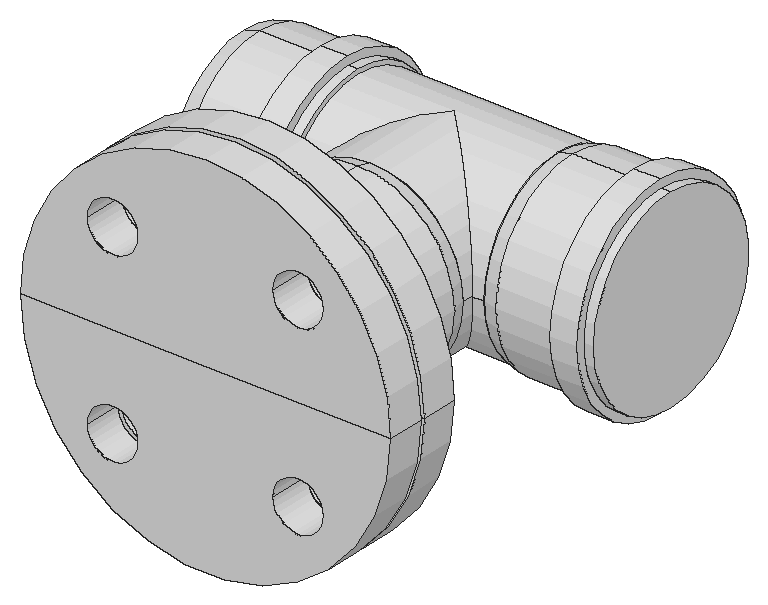
Revit family "EP-Система_Фитинг_НПВХ_Напорная ревизия", category Соединительные детали трубопроводов, Revit 2019
Family settings
  Размер круглого соединителя = Использовать диаметр
  Тип детали = Тройник
  На основе рабочей плоскости = Нет
  Всегда вертикально = Да
  При загрузке вырезать с полостями = Нет
  Общий = Нет
Parameters (values of type "EP-Система")
  Усиленный [instance] = no
  Угол [instance] = 90.00°
  Типовой = no
  Раструб Длина [instance] = size_lookup(Поиск в таблице имен, "LR1", ADSK_Диаметр условный * 2, ADSK_Диаметр условный, Диаметр условный 1, ADSK_Угол)  # 55.6 mm
  Раструб Видимость 1.2 [instance] = and(not(Угол > 90.00°), Раструб Подводящий)  # yes
  Раструб Видимость 2.2 [instance] = and(Угол > 90.00°, Раструб Подводящий)  # no
  Поиск в таблице имен 4 = "EP-Система_Фитинг_НПВХ_Напорная ревизия"
  Поиск в таблице имен 3 = "EP-Система_Фитинг_НПВХ_Напорная ревизия"
  Поиск в таблице имен 2 = "EP-Система_Фитинг_НПВХ_Напорная ревизия"
  Поиск в таблице имен = "EP-Система_Фитинг_НПВХ_Напорная ревизия"
  Размер засечки 2 [instance] = 50 mm  # constant formula
  Размер засечки 1 [instance] = 50 mm  # constant formula
  Раструб Подводящий [instance] = yes
  Description = ""
  Наименование [instance] = size_lookup(Поиск в таблице имен 4, "ADSK_Наименование", "Решение не найдено", ADSK_Диаметр условный, Диаметр условный 1, ADSK_Угол)  # "Напорная ревизия, DN110х110"
  Материал = 05 Пластик ПВХ Белый
  Assembly Code = ""
  Manufacturer = ""
  Раструб Видимость 2.1 [instance] = Угол > 90.00°  # no
  Раструб Видимость 1.1 [instance] = not(Угол > 90.00°)  # yes
  Z3 [instance] = if(Угол > 90.00°, if(Раструб Подводящий, size_lookup(Поиск в таблице имен, "z1", ADSK_Диаметр условный * 2, ADSK_Диаметр условный, Диаметр условный 1, ADSK_Угол), size_lookup(Поиск в таблице имен, "z1", ADSK_Диаметр условный * 2, ADSK_Диаметр условный, Диаметр условный 1, ADSK_Угол) + Раструб Длина), size_lookup(Поиск в таблице имен, "z3", ADSK_Диаметр условный * 2, ADSK_Диаметр условный, Диаметр условный 1, ADSK_Угол))  # 62 mm
  Z2 [instance] = size_lookup(Поиск в таблице имен, "z2", ADSK_Диаметр условный * 2, ADSK_Диаметр условный, Диаметр условный 1, ADSK_Угол)  # 62 mm
  Z1 [instance] = if(Угол > 90.00°, size_lookup(Поиск в таблице имен, "z3", ADSK_Диаметр условный * 2, ADSK_Диаметр условный, Диаметр условный 1, ADSK_Угол), if(Раструб Подводящий, size_lookup(Поиск в таблице имен, "z1", ADSK_Диаметр условный * 2, ADSK_Диаметр условный, Диаметр условный 1, ADSK_Угол), size_lookup(Поиск в таблице имен, "z1", ADSK_Диаметр условный * 2, ADSK_Диаметр условный, Диаметр условный 1, ADSK_Угол) + Раструб Длина))  # 57 mm
  URL = ""
  Диаметр условный 1 [instance] = 110 mm
  ADSK_Угол [instance] = if(or(Угол < 57.50°, Угол > 122.50°), 45.00°, if(or(Угол < 79.00°, Угол > 101.00°), 67.30°, 90.00°))  # 90.00°
  ADSK_Наименование краткое = "Тр."
  ADSK_Наименование [instance] = size_lookup(Поиск в таблице имен 4, "ADSK_Наименование", "Решение не найдено", ADSK_Диаметр условный, Диаметр условный 1, ADSK_Угол)  # "Напорная ревизия, DN110х110"
  ADSK_Масса_Текст [instance] = ""
  ADSK_Масса [instance] = 0
  ADSK_Марка = ""
  ADSK_Код изделия [instance] = size_lookup(Поиск в таблице имен 4, "ADSK_Код изделия", "Решение не найдено", ADSK_Диаметр условный, Диаметр условный 1, ADSK_Угол)  # "ЕP5544100"
  ADSK_Завод-изготовитель = "Agpipe"  # constant formula
  ADSK_Единица измерения = "шт."  # constant formula
  ADSK_Диаметр условный [instance] = 110 mm
Reference planes
  plane 1 "По центру (Вперед/Назад)": y = 0
  plane 2: z = 0
  plane 3 "По центру (Влево/Вправо)": x = 0
  plane 4: x = -57
  plane 5: x = 62
Forms (mm)
  Sweep 1, solid, material "05 Пластик ПВХ Белый" <- "Материал", detail levels fine
    path in 3D
      loop
        line (62, 0, 0) -> (-57, 0, 0)
    profile origin (2.5, 0, 0) x (0, -1, 0) y (0, 0, 1)
      loop
        circle (0, 0) r 55
  Sweep 2, solid, material "05 Пластик ПВХ Белый" <- "Материал", detail levels fine
    path in 3D
      loop
        line (0, 0, 0) -> (0, -62, 0)
    profile origin (0, -31, 0) x (1, 0, 0) y (0, 0, 1)
      loop
        circle (0, 0) r 55
Cuts and joins
  joined: Sweep 1, Sweep 2
Lines and regions (mm)
  reference lines
    curve 1: line (0, 0, 0) -> (0, -62, 0)
    curve 3: line (62, 0, 0) -> (-57, 0, 0)
  sketch lines
    curve 2: line (0, 0, 0) -> (0, -62, 0)
    curve 4: line (62, 0, 0) -> (-57, 0, 0)
Dimensions and locks
  "Z2": curve 1 to curve 1
  "Z1": plane 4 to plane 3 "По центру (Влево/Вправо)"
  "Z3": plane 3 "По центру (Влево/Вправо)" to plane 5
  "ADSK_Диаметр условный": diameter of Sweep 1 sketch curve
  "Диаметр условный 1": diameter of Sweep 2 sketch curve
  "Угол": angle curve 1 to plane 1 "По центру (Вперед/Назад)"
  "Угол": angle nested 5 to plane 1 "По центру (Вперед/Назад)"
  aligned and locked: level to plane 2
  aligned and locked: plane 1 "По центру (Вперед/Назад)" to curve 1
  aligned and locked: plane 5 to nested 1
  aligned and locked: plane 1 "По центру (Вперед/Назад)" to nested 1
  aligned and locked: plane 4 to nested 2
  aligned and locked: plane 1 "По центру (Вперед/Назад)" to nested 2
  aligned and locked: nested 3 to plane 4
  aligned and locked: nested 4 to plane 5
  aligned and locked: curve 1 to nested 5
  aligned and locked: nested 5 to cut or joined group of Sweep 1, Sweep 2
  aligned and locked: plane 3 "По центру (Влево/Вправо)" to nested 6
  aligned and locked: plane 4 to nested 6
  aligned and locked: plane 5 to nested 6
  aligned and locked: nested 7 to nested 8
  aligned and locked: nested 8 to nested 5
  aligned and locked: plane 3 "По центру (Влево/Вправо)" to nested 8
Automatic sketch dimensions
  curve 3 to plane 4 = 0 mm
  curve 1 to plane 3 "По центру (Влево/Вправо)" = 0 mm
  curve 3 to plane 5 = 0 mm
  Sweep 1 sketch curve to profile plane = 0 mm  (x2)
  profile plane to Sweep 2 sketch curve = 0 mm
  Sweep 2 sketch curve to profile plane = 0 mm
Nested families
  nested 1: "Фитинг_ПП_Раструб(Влож)" at (62, 0, 0), ADSK_Диаметр условный <- "ADSK_Диаметр условный", visible <- "Раструб Видимость 1.1", Видимость <- "Раструб Видимость 1.1", type "Фитинг_ПП_Раструб(Влож)", detail levels fine
    with Толщина Стенки 2 1.5 mm, Толщина Стенки 1 2.4 mm, Длина 67 mm, Диаметр Наружный Трубного Кольца 124.4 mm, Диаметр Наружный 114.8 mm, Видимость yes, C 22 mm, B 6 mm, ADSK_Диаметр условный 110 mm, A 36 mm
  nested 2: "Фитинг_ПП_Раструб(Влож)" at (-124, 0, 0), ADSK_Диаметр условный <- "ADSK_Диаметр условный", visible <- "Раструб Видимость 1.2", Видимость <- "Раструб Видимость 1.2", type "Фитинг_ПП_Раструб(Влож)", detail levels fine
    with Толщина Стенки 2 1.5 mm, Толщина Стенки 1 2.4 mm, Длина 67 mm, Диаметр Наружный Трубного Кольца 124.4 mm, Диаметр Наружный 114.8 mm, Видимость yes, C 22 mm, B 6 mm, ADSK_Диаметр условный 110 mm, A 36 mm
  nested 3: "Фитинг_ПП_Раструб(Влож)" at (-57, 0, 0) x (-1, 0, 0) z (0, 0, 1), visible <- "Раструб Видимость 2.1", ADSK_Диаметр условный <- "ADSK_Диаметр условный", Видимость <- "Раструб Видимость 2.1", type "Фитинг_ПП_Раструб(Влож)", detail levels fine
    with Толщина Стенки 2 1.5 mm, Толщина Стенки 1 2.4 mm, Длина 67 mm, Диаметр Наружный Трубного Кольца 124.4 mm, Диаметр Наружный 114.8 mm, Видимость no, C 22 mm, B 6 mm, ADSK_Диаметр условный 110 mm, A 36 mm
  nested 4: "Фитинг_ПП_Раструб(Влож)" at (129, 0, 0) x (-1, 0, 0) z (0, 0, 1), visible <- "Раструб Видимость 2.2", ADSK_Диаметр условный <- "ADSK_Диаметр условный", Видимость <- "Раструб Видимость 2.2", type "Фитинг_ПП_Раструб(Влож)", detail levels fine
    with Толщина Стенки 2 1.5 mm, Толщина Стенки 1 2.4 mm, Длина 67 mm, Диаметр Наружный Трубного Кольца 124.4 mm, Диаметр Наружный 114.8 mm, Видимость no, C 22 mm, B 6 mm, ADSK_Диаметр условный 110 mm, A 36 mm
  nested 5: "Фитинг_ПП_Раструб(Влож)" at (0, -62, 0) x (0, -1, 0) z (0, 0, 1), ADSK_Диаметр условный <- "Диаметр условный 1", type "Фитинг_ПП_Раструб(Влож)", detail levels fine
    with Толщина Стенки 2 1.5 mm, Толщина Стенки 1 2.4 mm, Длина 67 mm, Диаметр Наружный Трубного Кольца 124.4 mm, Диаметр Наружный 114.8 mm, Видимость yes, C 22 mm, B 6 mm, ADSK_Диаметр условный 110 mm, A 36 mm
  nested 6: "CISP_УГО_Тройник" at (0, 0, 0), Угол <- "Угол", L3 <- "Z2", D1 <- "Размер засечки 1", D2 <- "Размер засечки 1", D3 <- "Размер засечки 2", type "CISP_УГО_Тройник", detail levels coarse+medium
    with Угол 90.00°, L3 62 mm, L2 62 mm, L1 57 mm, D3 50 mm, D2 50 mm, D1 50 mm
  nested 7: "Redi_Фитинг_Фланец глухой" at (0, -173, 0) x (0, 1, 0) z (0, 0, 1), d <- "Диаметр условный 1", type "Redi_Фитинг_Фланец глухой"
    with s 22 mm, d 110 mm, I 180 mm, E *2/3 55 mm, E 220 mm, ADSK_Наименование "Фланец глухой, DN110", ADSK_Масса_Текст "0.84", ADSK_Масса 0, ADSK_Код изделия "RVOFCI910"
  nested 8: "Redi_Фитинг_Фланец жесткий" at (0, -148, 0) x (0, 1, 0) z (0, 0, 1), d <- "Диаметр условный 1", type "Redi_Фитинг_Фланец жесткий"
    with z 8 mm, s 22 mm, d 110 mm, I 180 mm, E *2/3 55 mm, E 220 mm, ADSK_Наименование "Фланец жесткий, DN110", ADSK_Масса_Текст "0.94", ADSK_Масса 0, ADSK_Код изделия "RVOFFI910"
Connectors
  piping at (-57, 0, 0), diameter 110, driven by "ADSK_Диаметр условный"
    settings: on plane 4, index 1, connector inside diameter 609.6 mm, connector length 0 mm, flow factor 0, pipe flow 0.0 L/s, pressure drop 0.0 Pa, fitting loss kfactor 0, connector angle 0.00°, fixture units 0, engagement length 0 mm, angle of deflection 0.00°, flow configuration 0, flow direction 0, fitting loss method 0, system type 28, joint type 0, gender type 0, connector reference index 2, connector utility 0, adjustable connector no, is connector primary yes, connector description ""
  piping at (62, 0, 0), diameter 110, driven by "ADSK_Диаметр условный"
    settings: on plane 5, index 2, connector inside diameter 609.6 mm, connector length 0 mm, flow factor 0, pipe flow 0.0 L/s, pressure drop 0.0 Pa, fitting loss kfactor 0, connector angle 0.00°, fixture units 0, engagement length 0 mm, angle of deflection 0.00°, flow configuration 0, flow direction 0, fitting loss method 0, system type 28, joint type 0, gender type 0, connector reference index 1, connector utility 0, adjustable connector no, is connector primary no, connector description ""
Definition of nested family "Фитинг_ПП_Раструб(Влож)"
  Parameters (values of type "CISP_Фитинг_ПП_Раструб")
    Толщина Стенки 2 [instance] = size_lookup(Поиск в таблице имен, "e3", 1 mm, ADSK_Диаметр условный)  # 1.5 mm
    Толщина Стенки 1 [instance] = size_lookup(Поиск в таблице имен, "e2", 1 mm, ADSK_Диаметр условный)  # 2.4 mm
    Поиск в таблице имен = "CISP_Фитинг_ПП_Раструб"
    Материал = none
    Длина [instance] = A + C + A / 4  # 67 mm
    Диаметр Наружный Трубного Кольца [instance] = ADSK_Диаметр условный + 2 * Толщина Стенки 1 + 4 * Толщина Стенки 1  # 124.4 mm
    Диаметр Наружный [instance] = ADSK_Диаметр условный + 2 * Толщина Стенки 1  # 114.8 mm
    Видимость [instance] = yes
    C [instance] = size_lookup(Поиск в таблице имен, "C", 1 mm, ADSK_Диаметр условный)  # 22 mm
    B [instance] = size_lookup(Поиск в таблице имен, "B", 1 mm, ADSK_Диаметр условный)  # 6 mm
    ADSK_Диаметр условный [instance] = 110 mm
    A [instance] = size_lookup(Поиск в таблице имен, "A", 1 mm, ADSK_Диаметр условный)  # 36 mm
  Reference planes
    plane 1 "По центру (Вперед/Назад)": y = 0
    plane 2: z = 0
    plane 3 "По центру (Влево/Вправо)": x = 0
    plane 4: x = 67
    plane 5: z = 57.4
    plane 6: z = -57.4
    plane 7: x = 45
    plane 8: x = 61
    plane 9: x = 9
    plane 10: z = 62.2
    plane 11: z = -62.2
    plane 12: z = 55
    plane 13: z = -55
  Forms (mm)
    Sweep 1, solid, material <- "Материал", visible <- "Видимость"
      path origin (0, 0, 0) x (1, 0, 0) y (0, 0, 1)
        loop
          line (9, 0) -> (67, 0)
      profile origin (38, 0, 0) x (0, 0, 1) y (0, -1, 0)
        loop
          circle (0, 0) r 57.4
    SweptBlend 2, solid, material <- "Материал", visible <- "Видимость"
      path origin (0, 0, 0) x (1, 0, 0) y (0, 0, 1)
        loop
          line (0, 0) -> (9, 0)
      profile origin (0, 0, 0) x (0, 0, 1) y (0, -1, 0)
        loop
          circle (0, 0) r 55
      end profile origin (9, 0, 0) x (0, 0, 1) y (0, -1, 0)
        loop
          circle (0, 0) r 57.4
    Sweep 3, solid, material <- "Материал", visible <- "Видимость"
      path origin (0, 0, 0) x (1, 0, 0) y (0, 0, 1)
        loop
          line (45, 0) -> (61, 0)
      profile origin (53, 0, 0) x (0, 0, 1) y (0, -1, 0)
        loop
          circle (0, 0) r 62.2
  Cuts and joins
    joined: Sweep 1, SweptBlend 2, Sweep 3
  Dimensions and locks
    "Длина": plane 4 to plane 3 "По центру (Влево/Вправо)"
    equal spacing: plane 5, level, plane 6
    "Диаметр Наружный": plane 5 to plane 6
    "C": plane 4 to plane 7
    "A": plane 7 to plane 9
    "B": plane 4 to plane 8
    equal spacing: plane 12, level, plane 13
    "ADSK_Диаметр условный": plane 12 to plane 13
    equal spacing: plane 10, level, plane 11
    "Диаметр Наружный Трубного Кольца": plane 10 to plane 11
    "Диаметр Наружный": diameter of Sweep 1 sketch curve
    "ADSK_Диаметр условный": diameter of SweptBlend 2 sketch curve
    "Диаметр Наружный": diameter of SweptBlend 2 sketch curve
    "Диаметр Наружный Трубного Кольца": diameter of Sweep 3 sketch curve
    aligned and locked: level to plane 2
    aligned and locked: plane 9 to Sweep 1 sketch curve
    aligned and locked: Sweep 1 sketch curve to plane 2
    aligned and locked: plane 4 to Sweep 1 sketch curve
    aligned and locked: plane 3 "По центру (Влево/Вправо)" to SweptBlend 2 sketch curve
    aligned and locked: plane 9 to SweptBlend 2 sketch curve
    aligned and locked: SweptBlend 2 sketch curve to level
    aligned and locked: plane 7 to Sweep 3 sketch curve
    aligned and locked: plane 8 to Sweep 3 sketch curve
    aligned and locked: Sweep 3 sketch curve to plane 2
  Automatic sketch dimensions
    Sweep 1 sketch curve to plane 1 "По центру (Вперед/Назад)" = 0 mm
    profile plane to Sweep 1 sketch curve = 0 mm
    SweptBlend 2 sketch curve to plane 1 "По центру (Вперед/Назад)" = 0 mm  (x2)
    profile plane to SweptBlend 2 sketch curve = 0 mm  (x2)
    Sweep 3 sketch curve to plane 1 "По центру (Вперед/Назад)" = 0 mm
    profile plane to Sweep 3 sketch curve = 0 mm
Definition of nested family "Redi_Фитинг_Фланец глухой"
  Parameters (values of type "Redi_Фитинг_Фланец глухой")
    Поиск в таблице имен = "Redi_Фитинг_Фланец глухой"  # constant formula
    s [instance] = size_lookup(Поиск в таблице имен, "s", 28 mm, d)  # 28 mm
    d [instance] = 160 mm
    I [instance] = size_lookup(Поиск в таблице имен, "I", 240 mm, d)  # 240 mm
    E *2/3 [instance] = E / 4  # 71.25 mm
    E [instance] = size_lookup(Поиск в таблице имен, "E", 285 mm, d)  # 285 mm
    ADSK_Наименование [instance] = size_lookup(Поиск в таблице имен, "ADSK_Наименование", "Нет в каталоге", d)  # "Фланец глухой, DN160"
    ADSK_Масса_Текст [instance] = size_lookup(Поиск в таблице имен, "ADSK_Масса_Текст", "Нет в каталоге", d)  # "1.62"
    ADSK_Масса [instance] = 0
    ADSK_Марка = ""
    ADSK_Код изделия [instance] = size_lookup(Поиск в таблице имен, "ADSK_Код изделия", "Нет в каталоге", d)  # "RVOFCI940"
    ADSK_Завод-изготовитель = "Redi"  # constant formula
    ADSK_Единица измерения = "шт."  # constant formula
  Reference planes
    plane 1 "По центру (Вперед/Назад)": y = 0
    plane 2: z = 0
    plane 3 "По центру (Влево/Вправо)": x = 0
    plane 4: x = -14
    plane 5: x = 14
    plane 6: y = 142.5
    plane 7: y = -142.5
    plane 8: y = -120
    plane 9: y = 120
    plane 10: x = 17
  Forms (mm)
    Revolve 1, solid
      sketch origin (0, 0, 0) x (1, 0, 0) y (0, 1, 0)
        loop
          line (-14, 0) -> (-14, -142.5) -> (14, -142.5) -> (14, -120) -> (17, -120) -> (17, 0) -> (-14, 0)
        axis (17, 0) -> (-14, 0)
      angle from 0 to 360
    Extrusion 2, void
      sketch origin (0, 0, 0) x (0, 1, 0) y (0, 0, 1)
        loop
          circle (71.25, 71.25) r 15
        loop
          circle (-71.25, 71.25) r 15
        loop
          circle (71.25, -71.25) r 15
        loop
          circle (-71.25, -71.25) r 15
      from -14 to 17
  Cuts and joins
    Extrusion 2 cuts Revolve 1
  Dimensions and locks
    equal spacing: plane 4, plane 3 "По центру (Влево/Вправо)", plane 5
    "s": plane 4 to plane 5
    equal spacing: plane 9, plane 1 "По центру (Вперед/Назад)", plane 8
    "I": plane 9 to plane 8
    equal spacing: plane 6, plane 1 "По центру (Вперед/Назад)", plane 7
    "E": plane 6 to plane 7
    locked: plane 5 to plane 10 at 3
    "E *2/3": Extrusion 2 sketch curve to level  (x2)
    "E *2/3": Extrusion 2 sketch curve to plane 1 "По центру (Вперед/Назад)"  (x2)
    "E *2/3": level to Extrusion 2 sketch curve  (x2)
    "E *2/3": plane 1 "По центру (Вперед/Назад)" to Extrusion 2 sketch curve  (x2)
    aligned and locked: level to plane 2
    aligned and locked: plane 1 "По центру (Вперед/Назад)" to Revolve 1 sketch curve
    aligned and locked: plane 4 to Revolve 1 sketch curve
    aligned and locked: plane 7 to Revolve 1 sketch curve
    aligned and locked: plane 5 to Revolve 1 sketch curve
    aligned and locked: Revolve 1 sketch curve to plane 8
    aligned and locked: Revolve 1 sketch curve to plane 10
    aligned and locked: Extrusion 2 to plane 4
    aligned and locked: Extrusion 2 to plane 10
  Automatic sketch dimensions
    Revolve 1 sketch curve to plane 1 "По центру (Вперед/Назад)" = 0 mm
    Revolve 1 sketch curve to plane 4 = 1916.011 mm
    Revolve 1 sketch curve to plane 10 = 1913.011 mm
    radius of Extrusion 2 sketch curve = 15 mm  (x4)
  Connectors
    piping at (17, 0, 0), diameter 160, driven by "d"
      settings: on cut or joined group of Revolve 1, Extrusion 2, index 1, connector inside diameter 609.6 mm, connector length 0 mm, flow factor 0, pipe flow 0.0 L/s, pressure drop 0.0 Pa, fitting loss kfactor 0, connector angle 0.00°, fixture units 0, engagement length 0 mm, angle of deflection 0.00°, flow configuration 0, flow direction 0, fitting loss method 0, system type 28, joint type 0, gender type 0, connector reference index -1, connector utility 0, adjustable connector no, is connector primary yes, connector description ""
Definition of nested family "Redi_Фитинг_Фланец жесткий"
  Parameters (values of type "Redi_Фитинг_Фланец жесткий")
    Поиск в таблице имен = "Redi_Фитинг_Фланец жесткий"  # constant formula
    z [instance] = size_lookup(Поиск в таблице имен, "z", 7 mm, d)  # 8 mm
    s [instance] = size_lookup(Поиск в таблице имен, "s", 28 mm, d)  # 22 mm
    d [instance] = 110 mm
    I [instance] = size_lookup(Поиск в таблице имен, "I", 240 mm, d)  # 180 mm
    E *2/3 [instance] = E / 4  # 55 mm
    E [instance] = size_lookup(Поиск в таблице имен, "E", 285 mm, d)  # 220 mm
    ADSK_Наименование [instance] = size_lookup(Поиск в таблице имен, "ADSK_Наименование", "Нет в каталоге", d)  # "Фланец жесткий, DN110"
    ADSK_Масса_Текст [instance] = size_lookup(Поиск в таблице имен, "ADSK_Масса_Текст", "Нет в каталоге", d)  # "0.94"
    ADSK_Масса [instance] = 0
    ADSK_Марка = ""
    ADSK_Код изделия [instance] = size_lookup(Поиск в таблице имен, "ADSK_Код изделия", "Нет в каталоге", d)  # "RVOFFI910"
    ADSK_Завод-изготовитель = "Redi"  # constant formula
    ADSK_Единица измерения = "шт."  # constant formula
  Reference planes
    plane 1 "По центру (Вперед/Назад)": y = 0
    plane 2: z = 0
    plane 3 "По центру (Влево/Вправо)": x = 0
    plane 4: x = -11
    plane 5: x = 11
    plane 6: y = 110
    plane 7: y = -110
    plane 8: y = -90
    plane 9: y = 90
    plane 10: x = 19
    plane 11: y = -55
    plane 12: y = 55
    plane 13: y = -27.5
  Forms (mm)
    Revolve 1, solid
      sketch origin (0, 0, 0) x (1, 0, 0) y (0, 1, 0)
        loop
          line (-11, -55) -> (-11, -110) -> (11, -110) -> (11, -90) -> (19, -90) -> (19, -55) -> (-11, -55)
        axis (19, 0) -> (-11, 0)
      angle from 0 to 360
    Extrusion 2, void
      sketch origin (0, 0, 0) x (0, 1, 0) y (0, 0, 1)
        loop
          circle (55, 55) r 15
        loop
          circle (-55, 55) r 15
        loop
          circle (55, -55) r 15
        loop
          circle (-55, -55) r 15
      from -11 to 19
  Cuts and joins
    Extrusion 2 cuts Revolve 1
  Dimensions and locks
    equal spacing: plane 4, plane 3 "По центру (Влево/Вправо)", plane 5
    "s": plane 4 to plane 5
    equal spacing: plane 9, plane 1 "По центру (Вперед/Назад)", plane 8
    "I": plane 9 to plane 8
    equal spacing: plane 6, plane 1 "По центру (Вперед/Назад)", plane 7
    "E": plane 6 to plane 7
    "z": plane 5 to plane 10
    "E *2/3": Extrusion 2 sketch curve to level  (x2)
    "E *2/3": Extrusion 2 sketch curve to plane 1 "По центру (Вперед/Назад)"  (x2)
    "E *2/3": level to Extrusion 2 sketch curve  (x2)
    "E *2/3": plane 1 "По центру (Вперед/Назад)" to Extrusion 2 sketch curve  (x2)
    equal spacing: plane 11, plane 1 "По центру (Вперед/Назад)", plane 12
    "d": plane 12 to plane 11
    equal spacing: plane 11, plane 13, plane 1 "По центру (Вперед/Назад)"
    aligned and locked: level to plane 2
    aligned and locked: plane 4 to Revolve 1 sketch curve
    aligned and locked: plane 7 to Revolve 1 sketch curve
    aligned and locked: plane 5 to Revolve 1 sketch curve
    aligned and locked: Revolve 1 sketch curve to plane 8
    aligned and locked: Revolve 1 sketch curve to plane 10
    aligned and locked: Extrusion 2 to plane 4
    aligned and locked: Extrusion 2 to plane 10
  Automatic sketch dimensions
    Revolve 1 sketch curve to plane 1 "По центру (Вперед/Назад)" = 0 mm
    Revolve 1 sketch curve to plane 4 = 1916.011 mm
    Revolve 1 sketch curve to plane 10 = 1913.011 mm
    plane 11 to Revolve 1 sketch curve = 0 mm
    radius of Extrusion 2 sketch curve = 15 mm  (x4)
  Connectors
    piping at (19, 0, 39.432), diameter 110, driven by "d"
      settings: on cut or joined group of Revolve 1, Extrusion 2, index 1, connector inside diameter 609.6 mm, connector length 0 mm, flow factor 0, pipe flow 0.0 L/s, pressure drop 0.0 Pa, fitting loss kfactor 0, connector angle 0.00°, fixture units 0, engagement length 0 mm, angle of deflection 0.00°, flow configuration 0, flow direction 0, fitting loss method 0, system type 28, joint type 0, gender type 0, connector reference index 2, connector utility 0, adjustable connector no, is connector primary yes, connector description ""
    piping at (-11, 0, 0), diameter 110, driven by "d"
      settings: on cut or joined group of Revolve 1, Extrusion 2, index 2, connector inside diameter 609.6 mm, connector length 0 mm, flow factor 0, pipe flow 0.0 L/s, pressure drop 0.0 Pa, fitting loss kfactor 0, connector angle 0.00°, fixture units 0, engagement length 0 mm, angle of deflection 0.00°, flow configuration 0, flow direction 0, fitting loss method 0, system type 28, joint type 0, gender type 0, connector reference index 1, connector utility 0, adjustable connector no, is connector primary no, connector description ""
Definition of nested family "CISP_УГО_Тройник"
  Parameters (values of type "CISP_УГО_Тройник")
    Угол [instance] = 80.00°
    L3 [instance] = 120 mm
    L2 [instance] = 150 mm
    L1 [instance] = 100 mm
    D3 [instance] = 55 mm
    D2 [instance] = 90 mm
    D1 [instance] = 120 mm
  Reference planes
    plane 1 "По центру (Вперед/Назад)": y = 0
    plane 2: z = 0
    plane 3 "По центру (Влево/Вправо)": x = 0
    plane 4: x = -100
    plane 5: x = 150
    plane 6: y = 60
    plane 7: y = -60
    plane 8: y = 45
    plane 9: y = -45
  Lines and regions (mm)
    reference lines
      curve 1: line (0, 0, 0) -> (20.838, -118.177, 0)
    model lines
      curve 2: line (-100, 0, 0) -> (150, 0, 0)
      curve 3: line (0, 0, 0) -> (20.838, -118.177, 0)
      curve 4: line (150, 45, 0) -> (150, -45, 0)
      curve 5: line (-100, 60, 0) -> (-100, -60, 0)
      curve 6: line (-6.244, -122.952, 0) -> (47.92, -113.402, 0)
  Dimensions and locks
    "L3": curve 1 to curve 1
    "L1": plane 4 to plane 3 "По центру (Влево/Вправо)"
    "L2": plane 3 "По центру (Влево/Вправо)" to plane 5
    "L3": curve 3 to curve 3
    equal spacing: plane 6, plane 1 "По центру (Вперед/Назад)", plane 7
    "D1": plane 6 to plane 7
    equal spacing: plane 8, plane 1 "По центру (Вперед/Назад)", plane 9
    "D2": plane 8 to plane 9
    equal spacing: curve 6, curve 3, curve 6
    "D3": curve 6 to curve 6
    locked: curve 3 to curve 1 at 0
    "Угол": angle curve 1 to plane 1 "По центру (Вперед/Назад)"
    "Угол": angle curve 3 to plane 1 "По центру (Вперед/Назад)"
    locked: curve 6 to curve 1 (angle 90.00°)
    aligned and locked: level to plane 2
    aligned and locked: plane 3 "По центру (Влево/Вправо)" to curve 1
    aligned and locked: plane 1 "По центру (Вперед/Назад)" to curve 1
    aligned and locked: plane 4 to curve 2
    aligned and locked: plane 1 "По центру (Вперед/Назад)" to curve 2
    aligned and locked: plane 8 to curve 4
    aligned and locked: plane 9 to curve 4
    aligned and locked: curve 4 to plane 5
    aligned and locked: curve 5 to plane 4
    aligned and locked: curve 6 to curve 1
  Automatic sketch dimensions
    curve 5 to plane 7 = 0 mm
    curve 5 to plane 6 = 0 mm
